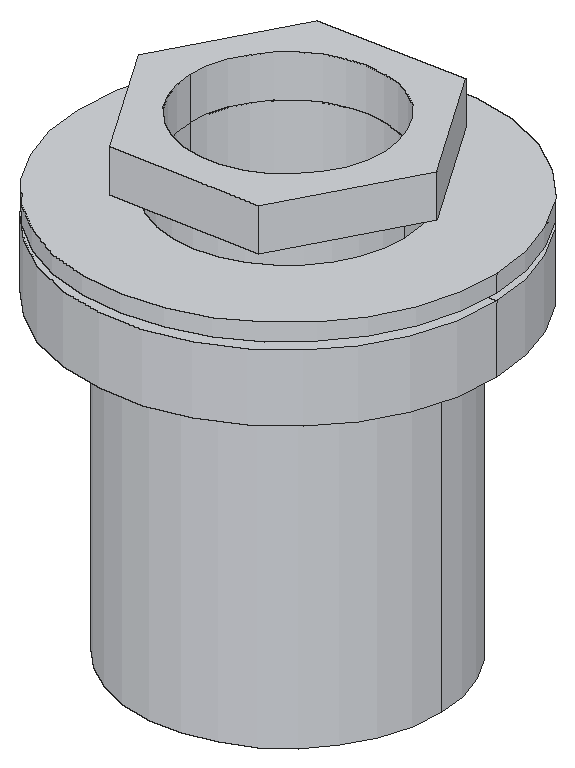
Revit family "FCS1B", category Generic Models, Revit 2017
Family settings
  Can host rebar = No
  Round Connector Dimension = Use Diameter
  Part Type = Normal
  Work Plane-Based = Yes
  Always vertical = No
  Cut with Voids When Loaded = No
  Shared = No
  Room Calculation Point = No
Parameters (values of type "NBS Standard Parameters")
  Weight = "0.0732Kg"
  WarrantyStartDate [instance] = "1900-12-31T23:59:59"
  WarrantyGuarantorParts = "n/a"
  WarrantyGuarantorLabor = "n/a"
  WarrantyDurationUnit = "1 year"
  WarrantyDurationParts = "n/a"
  WarrantyDurationLabor = "n/a"
  WarrantyDescription = "n/a"
  Version = "1"
  Uniclass2 = "Pr_65_70_11_20"
  TagNumber [instance] = "n/a"
  SustainabilityPerformance = "n/a"
  Size = "20mm"
  Shape = "Circular"
  SerialNumber [instance] = "n/a"
  Revision = "n/a"
  ReplacementCost = "n/a"
  ProductInformation = "www.metpro.co.uk/pdf/FCS1G.pdf"
  NominalWidth = 30 mm
  NominalLength = 30 mm
  NominalHeight = 35 mm
  Name = ""
  NBSTypeID = ""
  NBSReference = "90-55-10/460"
  NBSOfficeMasterTag = ""
  NBSNote = ""
  NBSDescription = "Conduit Fittings"
  NBSCertification = ""
  ModelReference = "FCS1B"
  ModelNumber = "n/a"
  Material = "Steel Body, Lead Washer and Brass Bush"
  ManufacturerURL = "www.metpro.co.uk"
  ManufacturerName = "Metpro Ltd"
  Keynote = "Compliant to LU standard 1-085"
  InstallationDate [instance] = "1900-12-31T23:59:59"
  IfcExportType = ""
  IfcExportAs = ""
  Grade = "n/a"
  Finish = "Black"
  Features = "n/a"
  ExpectedLife = "n/a"
  DurationUnit = "year"
  Description = "FCS1B 20mm Flange Coupler"
  Default Elevation = 1219.2 mm
  Constituents = "n/a"
  Color = "n/a"
  CodePerformance = "n/a"
  Category = "n/a"
  BarCode [instance] = "n/a"
  BIMObjectName = "Metpro_metprolibrary_conduitfittings_metalcomponent_Steelaccessories"
  Author = "Metpro Limited"
  AssetType = ""
  AssetIdentifier [instance] = "n/a"
  AccessibilityPerformance = "n/a"
Reference planes
  plane 1 "Center (Front/Back)": y = 0
  plane 2: z = 0
  plane 3 "Center (Left/Right)": x = 0
Forms (mm)
  Revolve 1, solid
    sketch origin (10.708, -7.188, 0) x (1, 0, 0) y (0, 0, -1)
      loop
        line (-12.656, -17.18) -> (-5.156, -17.18) -> (-5.156, -11.68) -> (-8.656, -11.68)
        arc (-8.656, -11.68) -> (-9.364, -11.387) -> (-9.656, -10.68) r 1
        line (-9.656, -10.68) -> (-9.656, 14.32) -> (-12.656, 14.32) -> (-12.656, -17.18)
      axis (-22.156, -17.18) -> (-22.156, 14.32)
    angle from 0 to 360
  Extrusion 2, solid
    sketch origin (-11.449, -7.188, 17.18) x (0, -1, 0) y (1, 0, 0)
      loop
        circle (0, 0) r 17
      loop
        circle (0, 0) r 9.5
    from 0.623 to 2.023
  Extrusion 3, solid
    sketch origin (-11.449, -7.188, 17.18) x (0, -1, 0) y (1, 0, 0)
      loop
        circle (0, 0) r 9.5
      loop
        circle (0, 0) r 7.956
    from -4.85 to 4.239
  Extrusion 4, solid
    sketch origin (-11.449, -7.188, 21.419) x (0, -1, 0) y (1, 0, 0)
      loop
        line (-10.505, -6.065) -> (0, -12.13) -> (10.505, -6.065) -> (10.505, 6.065) -> (0, 12.13) -> (-10.505, 6.065) -> (-10.505, -6.065)
      loop
        circle (0, 0) r 7.956
    from 0 to 3.5
Dimensions and locks
  aligned and locked: level to plane 2
